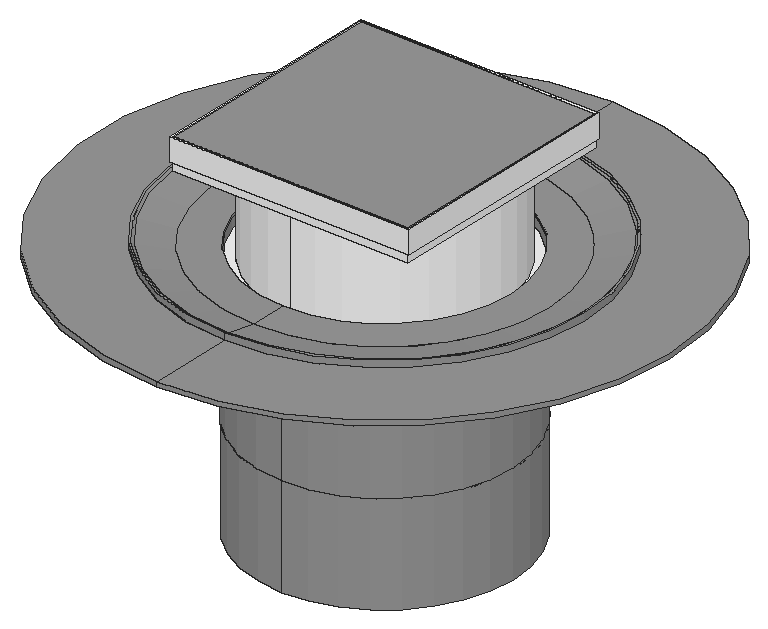
Revit family "HL_RU_Roof drain_HL62B-B-221103", category Instalační zařizovací předměty, Revit 2021
Family settings
  Kóta kulaté spojky = Použít průměr
  Typ dílu = Normální
  Číslo OmniClass = 23.70.50.21.24.14
  Nadpis OmniClass = Deck Waste Water Drains
  Založené na pracovní rovině = Ne
  Vždy vertikální = Ano
  Ořezat dutým tvarem při načtení = Ne
  Sdílené = Ne
  Bod výpočtu místnosti = Ano
Parameters (values of type "HL_Кровельная воронка_HL62B_5")
  РЕШЁТКА = "Edelstahl 137x137mm"
  РАЗМЕР = "DN160"
  ПРОПУСКНАЯ СПОСОБНОСТЬ [instance] = 0.0 L/s
  ПРОИЗВОДИТЕЛЬНОСТЬ = "6,0 l/s"
  ПРАВОВАЯ ИНФОРМАЦИЯ = "Авторские права(©), права на дизайн или какие либо другие права интелектуальной собственности являются исключительной собственностью компании HL Hutterer & Lechner. Изменению не подлежит. Файл семейства с данными о прозводителе изделия защищен паролем с водяным знаком."
  НОМИНАЛЬНЫЙ ДИАМЕТР = 160 mm
  НАСАДКА = "12-65mm/148x148mm"
  МАТЕРИАЛ = "PP"
  МАКСИМАЛЬНАЯ НАГРУЗКА КЛАССА = "K - 300 kg"
  ВЫСОТА МОНТАЖА = "120 mm"
  ВЕС = "1,81 [kg]"
  Výchozí výška = 0 mm
  Výrobce = "HL Hutterer & Lechner GmbH"  # constant formula
  URL = "http://www.hutterer-lechner.com/ru/products/catalog/roof-drains/HL62B/5.aspx"
  Материал плитка [instance] = none
  Přípoj ventilace = no
  Přípoj odpadních dílů = yes
  Přípoj HW = no
  Přípoj CW = no
  Popis = "Кровельные воронки"
  Model = "HL62B_5"
  Assembly Code = " "
  Komentáře k typům = "HL62B/5 Кровельная воронка DN160 с зажимным элементом. Проходная _ 148х148мм/137х137мм.,"
  Keynote = "HL62B_5"
  EAN = "9003076826254"
  Bысота монтажа [instance] = 65 mm  # constant formula
  G [instance] = 180.00°  # constant formula
  D [instance] = if(НОМИНАЛЬНЫЙ ДИАМЕТР = 160 mm, 60 mm, 67 mm) + Bысота монтажа  # 125 mm
  C [instance] = if(Bысота монтажа - 68 mm < 0 mm, 0 mm, Bысота монтажа - 68 mm)  # 0 mm
  B [instance] = 100 mm  # constant formula
  A [instance] = if(B - 100 mm > 15 mm, B - 100 mm, 15 mm)  # 15 mm
Types (5, lengths in mm): name | РАЗМЕР | НОМИНАЛЬНЫЙ ДИАМЕТР | ВЕС | URL | Model | Komentáře k typům | Keynote | EAN | D
  (no name) | "DN75" | 75 | "1,8 [kg]" | "http://www.hutterer-lechner.com/ru/products/catalog/roof-drains/HL62B/7.aspx" | "HL62B_7" | "HL62B/7 Кровельная воронка DN75 с зажимным элементом. Проходная _ 148х148мм/137х137мм.," | "HL62B_7" | "9003076836253" | 132
  HL_Кровельная воронка_HL62B_1 | "DN110" | 110 | "1,78 [kg]" | "http://www.hutterer-lechner.com/ru/products/catalog/roof-drains/HL62B/1.aspx" | "HL62B_1" | "HL62B/1 Кровельная воронка DN110 с зажимным элементом. Проходная _ 148х148мм/137х137мм.," | "HL62B_1" | "9003076806256" | 132
  HL_Кровельная воронка_HL62B_2 | "DN125" | 125 | "1,78 [kg]" | "http://www.hutterer-lechner.com/ru/products/catalog/roof-drains/HL62B/2.aspx" | "HL62B_2" | "HL62B/2 Кровельная воронка DN125 с зажимным элементом. Проходная _ 148х148мм/137х137мм.," | "HL62B_2" | "9003076816255" | 132
  HL_Кровельная воронка_HL62B_5 | "DN160" | 160 | "1,81 [kg]" | "http://www.hutterer-lechner.com/ru/products/catalog/roof-drains/HL62B/5.aspx" | "HL62B_5" | "HL62B/5 Кровельная воронка DN160 с зажимным элементом. Проходная _ 148х148мм/137х137мм.," | "HL62B_5" | "9003076826254" | 125
  HL_Кровельная воронка_HL62B_7 | "DN75" | 75 | "1,8 [kg]" | "http://www.hutterer-lechner.com/ru/products/catalog/roof-drains/HL62B/7.aspx" | "HL62B_7" | "HL62B/7 Кровельная воронка DN75 с зажимным элементом. Проходная _ 148х148мм/137х137мм.," | "HL62B_7" | "9003076836253" | 132
Reference planes
  plane 1 "Center (Front/Back)": y = 0
  plane 2: z = 0
  plane 3 "Center (Left/Right)": x = 0
  plane 4: z = -100
  plane 5: z = -65
Lines and regions (mm)
  model lines, style "InvisibleLines"
    curve 1: line (0, 0, 0) -> (0, 0, 20)
  model lines, style "PlumbingFixtures", detail levels coarse+medium
    curve 2: line (0, 0, -100) -> (0, 0, -85)
    curve 3: line (0, 0, -85) -> (-85, 0, 0)
    curve 4: line (0, 0, -85) -> (85, 0, 0)
    curve 6: line (0, 0, -100) -> (0, 0, -225)
  reference lines, not visible
    curve 5: line (0, 0, -100) -> (0, 0, -225)
  symbolic lines, style "PlumbingFixtures", detail levels coarse+medium
    curve 7: line (-75, 75, 0) -> (75, 75, 0)
    curve 8: line (-75, -75, 0) -> (-75, 75, 0)
    curve 9: line (75, -75, 0) -> (-75, -75, 0)
    curve 10: line (75, 75, 0) -> (75, -75, 0)
    curve 11: line (-75, 75, 0) -> (-145.711, 145.711, 0)
    curve 12: line (75, 75, 0) -> (145.711, 145.711, 0)
    curve 13: line (-75, -75, 0) -> (-145.711, -145.711, 0)
    curve 14: line (75, -75, 0) -> (145.711, -145.711, 0)
  symbolic lines, style "PlumbingFixtures", not visible, detail levels coarse+medium
    curve 15: line (-75, 75, 0) -> (75, 75, 0)
    curve 16: line (-75, -75, 0) -> (-75, 75, 0)
    curve 17: line (75, -75, 0) -> (-75, -75, 0)
    curve 18: line (75, 75, 0) -> (75, -75, 0)
    curve 19: line (-75, 75, 0) -> (-145.711, 145.711, 0)
    curve 20: line (75, 75, 0) -> (145.711, 145.711, 0)
    curve 21: line (-75, -75, 0) -> (-145.711, -145.711, 0)
    curve 22: line (75, -75, 0) -> (145.711, -145.711, 0)
Text (mm)
  text "FLOOR" at (-162.344, 0, -10.979), in view "Drain Construction View"
Dimensions and locks
  "B": plane 2 to plane 4
  "Bысота монтажа": plane 2 to plane 5
  "A": curve 4 to plane 4
  "D": curve 5 to curve 5
  "D": curve 6 to curve 6
  locked: curve 4 to plane 3 "Center (Left/Right)" (angle 45.00°)
  locked: plane 3 "Center (Left/Right)" to curve 3 (angle 45.00°)
  "G": angle curve 5 to plane 3 "Center (Left/Right)"
  aligned and locked: level to plane 2
  aligned and locked: plane 2 to curve 4
  aligned and locked: plane 2 to curve 3
  aligned and locked: plane 4 to curve 5
  aligned and locked: plane 3 "Center (Left/Right)" to curve 5
  aligned and locked: plane 4 to curve 2
  aligned and locked: curve 6 to plane 3 "Center (Left/Right)"
  aligned and locked: curve 6 to plane 4
  aligned and locked: plane 3 "Center (Left/Right)" to nested 1
  aligned and locked: plane 5 to nested 2
  aligned and locked: plane 2 to nested 1
  aligned and locked: plane 3 "Center (Left/Right)" to nested 2
Automatic sketch dimensions
  curve 2 to plane 3 "Center (Left/Right)" = 0 mm
  curve 1 to plane 3 "Center (Left/Right)" = 0 mm
  curve 1 to level = 0 mm
  level to curve 1 = 20 mm
Nested families
  nested 1: "HL_Насадка_HL66.9S" at (0, 0, 0), Bысота монтажа <- "Bысота монтажа", type "HL_Насадка_HL66.9S"
    with L 93 mm, IHmin 12 mm, IHmax 65 mm, Bысота монтажа 65 mm
  nested 2: "HL_кровельные воронки - корпус_HL62" at (0, 0, -65), НОМИНАЛЬНЫЙ ДИАМЕТР <- "НОМИНАЛЬНЫЙ ДИАМЕТР", type "HL_кровельные воронки - корпус_HL62"
    with НОМИНАЛЬНЫЙ ДИАМЕТР 160 mm, L 62 mm
Connectors
  piping at (0, 0, -225), diameter 160, driven by "ПРОПУСКНАЯ СПОСОБНОСТЬ", driven by "НОМИНАЛЬНЫЙ ДИАМЕТР"
    settings: on curve 5, index 1, connector inside diameter 609.6 mm, connector length 0 mm, flow factor 0, pipe flow 0.0 L/s, pressure drop 0.0 Pa, fitting loss kfactor 0, connector angle 0.00°, fixture units 0, engagement length 0 mm, angle of deflection 0.00°, flow configuration 1, flow direction 2, fitting loss method 0, system type 16, joint type 0, gender type 0, connector reference index -1, connector utility 0, adjustable connector yes, is connector primary yes, connector description ""
Definition of nested family "HL_Насадка_HL66.9S"
  Parameters (values of type "HL_Насадка_HL66.9S")
    РЕШЁТКА = "Edelstahl 138x138mm"
    РАЗМЕР = "d 145 mm"
    ПРАВОВАЯ ИНФОРМАЦИЯ = "Авторские права(©), права на дизайн или какие либо другие права интелектуальной собственности являются исключительной собственностью компании HL Hutterer & Lechner. Изменению не подлежит. Файл семейства с данными о прозводителе изделия защищен паролем с водяным знаком."
    НАСАДКА = "147x147mm"
    МАТЕРИАЛ = "PP"
    МАКСИМАЛЬНАЯ НАГРУЗКА КЛАССА = "K - 300 kg"
    ВЫСОТА МОНТАЖА = "12-65mm"
    Материал плитка = none
    ВЕС = "0,345 [kg]"
    Default Elevation = 0 mm
    L [instance] = if(Bысота монтажа < IHmin, -100 mm, if(Bысота монтажа > IHmax, -100 mm, Bысота монтажа + 28 mm))  # 93 mm
    Manufacturer = "HL Hutterer & Lechner GmbH"
    URL = "http://www.hutterer-lechner.com/ru/products/catalog/roof-drains/HL66.9.aspx"
    Description = "Кровельные воронки"
    Model = "HL66.9"
    Type Comments = "HL66.9, Насадка d 145мм с бороздками/147х147мм/138х138мм"
    Keynote = "HL66.9"
    Bысота монтажа [instance] = 65 mm
    IHmin [instance] = 12 mm
    IHmax [instance] = 65 mm
    EAN = "9003076014606"
    Cost = 0
  Reference planes
    plane 1 "Střed (vpředu/vzadu)": y = 0
    plane 2: z = 0
    plane 3 "Střed (vlevo/vpravo)": x = 0
  Forms (mm)
    Revolve 1, solid, detail levels fine
      sketch origin (0, 0, 128) x (0, 1, 0) y (0, 0, 1)
        loop
          line (72.5, -142) -> (69.248, -142) -> (69.248, -221) -> (72.5, -221) -> (72.5, -142)
        axis (0, -142) -> (0, -221)
      angle from 0 to 360
    Extrusion 2, solid, detail levels fine
      sketch origin (-1.537, 0, -14.6) x (0, 1, 0) y (-1, 0, 0)
        loop
          line (74, 72.459) -> (-74, 72.459) -> (-74, -75.537) -> (74, -75.537) -> (74, 72.459)
        loop
          line (73, 71.463) -> (-73, 71.463) -> (-73, -74.537) -> (73, -74.537) -> (73, 71.463)
      from 0.6 to 14.6
    Extrusion 3, solid, detail levels fine
      sketch origin (-1.537, 0, -14) x (-1, 0, 0) y (0, 1, 0)
        loop
          line (71.463, 73) -> (-74.537, 73) -> (-74.537, -73) -> (71.463, -73) -> (71.463, 73)
        loop
          circle (-1.537, 0) r 72.5
      from 0 to 5
    Extrusion 4, solid, detail levels fine
      sketch origin (-1.537, 0, -14) x (-1, 0, 0) y (0, -1, 0)
        loop
          line (70.95, -72.397) -> (70.95, 72.463) -> (-74.05, 72.463) -> (-74.05, -72.397) -> (70.95, -72.397)
      from 0 to 14
    Revolve 5, solid, detail levels fine
      sketch origin (0, 75.989, -93) x (0, -1, 0) y (0, 0, -1)
        loop
          line (3.489, -20) -> (3.489, 0) -> (0.186, 0) -> (-2.325, -2.511) -> (-2.325, -20) -> (3.489, -20)
        axis (75.989, -20) -> (75.989, 0)
      angle from 0 to 360
  Lines and regions (mm)
    model lines, detail levels fine
      curve 1: line (36.25, 24.325, 0) -> (36.25, -24.42, 0)
      curve 2: line (43.75, -24.42, 0) -> (43.75, 24.325, 0)
      curve 3: line (52.25, 40.306, 0) -> (52.25, -40.355, 0)
      curve 4: line (59.75, -40.355, 0) -> (59.75, 40.306, 0)
      curve 5: line (20.25, 8.588, 0) -> (20.25, -8.684, 0)
      curve 6: line (27.75, -8.684, 0) -> (27.75, 8.588, 0)
      curve 7: arc (27.75, 8.588, 0) -> (24, 12.338, 0) -> (20.25, 8.588, 0) r 3.75
      curve 8: arc (20.25, -8.684, 0) -> (24, -12.434, 0) -> (27.75, -8.684, 0) r 3.75
      curve 9: arc (36.25, -24.42, 0) -> (40, -28.17, 0) -> (43.75, -24.42, 0) r 3.75
      curve 10: arc (43.75, 24.325, 0) -> (40, 28.075, 0) -> (36.25, 24.325, 0) r 3.75
      curve 11: arc (59.75, 40.306, 0) -> (56, 44.056, 0) -> (52.25, 40.306, 0) r 3.75
      curve 12: arc (52.25, -40.355, 0) -> (56, -44.105, 0) -> (59.75, -40.355, 0) r 3.75
      curve 13: line (-24.325, -36.25, 0) -> (24.42, -36.25, 0)
      curve 14: line (24.42, -43.75, 0) -> (-24.325, -43.75, 0)
      curve 15: line (-40.306, -52.25, 0) -> (40.355, -52.25, 0)
      curve 16: line (40.355, -59.75, 0) -> (-40.306, -59.75, 0)
      curve 17: line (-8.588, -20.25, 0) -> (8.684, -20.25, 0)
      curve 18: line (8.684, -27.75, 0) -> (-8.588, -27.75, 0)
      curve 19: arc (-8.588, -27.75, 0) -> (-12.338, -24, 0) -> (-8.588, -20.25, 0) r 3.75
      curve 20: arc (8.684, -20.25, 0) -> (12.434, -24, 0) -> (8.684, -27.75, 0) r 3.75
      curve 21: arc (24.42, -36.25, 0) -> (28.17, -40, 0) -> (24.42, -43.75, 0) r 3.75
      curve 22: arc (-24.325, -43.75, 0) -> (-28.075, -40, 0) -> (-24.325, -36.25, 0) r 3.75
      curve 23: arc (-40.306, -59.75, 0) -> (-44.056, -56, 0) -> (-40.306, -52.25, 0) r 3.75
      curve 24: arc (40.355, -52.25, 0) -> (44.105, -56, 0) -> (40.355, -59.75, 0) r 3.75
      curve 25: line (36.25, -24.42, 0) -> (36.25, 24.325, 0)
      curve 26: line (43.75, 24.325, 0) -> (43.75, -24.42, 0)
      curve 27: line (52.25, -40.355, 0) -> (52.25, 40.306, 0)
      curve 28: line (59.75, 40.306, 0) -> (59.75, -40.355, 0)
      curve 29: line (20.25, -8.684, 0) -> (20.25, 8.588, 0)
      curve 30: line (27.75, 8.588, 0) -> (27.75, -8.684, 0)
      curve 31: arc (27.75, -8.588, 0) -> (24, -12.338, 0) -> (20.25, -8.588, 0) r 3.75
      curve 32: arc (20.25, 8.684, 0) -> (24, 12.434, 0) -> (27.75, 8.684, 0) r 3.75
      curve 33: arc (36.25, 24.42, 0) -> (40, 28.17, 0) -> (43.75, 24.42, 0) r 3.75
      curve 34: arc (43.75, -24.325, 0) -> (40, -28.075, 0) -> (36.25, -24.325, 0) r 3.75
      curve 35: arc (59.75, -40.306, 0) -> (56, -44.056, 0) -> (52.25, -40.306, 0) r 3.75
      curve 36: arc (52.25, 40.355, 0) -> (56, 44.105, 0) -> (59.75, 40.355, 0) r 3.75
      curve 37: line (24.42, -36.25, 0) -> (-24.325, -36.25, 0)
      curve 38: line (-24.325, -43.75, 0) -> (24.42, -43.75, 0)
      curve 39: line (40.355, -52.25, 0) -> (-40.306, -52.25, 0)
      curve 40: line (-40.306, -59.75, 0) -> (40.355, -59.75, 0)
      curve 41: line (8.684, -20.25, 0) -> (-8.588, -20.25, 0)
      curve 42: line (-8.588, -27.75, 0) -> (8.684, -27.75, 0)
      curve 43: arc (8.588, -27.75, 0) -> (12.338, -24, 0) -> (8.588, -20.25, 0) r 3.75
      curve 44: arc (-8.684, -20.25, 0) -> (-12.434, -24, 0) -> (-8.684, -27.75, 0) r 3.75
      curve 45: arc (-24.42, -36.25, 0) -> (-28.17, -40, 0) -> (-24.42, -43.75, 0) r 3.75
      curve 46: arc (24.325, -43.75, 0) -> (28.075, -40, 0) -> (24.325, -36.25, 0) r 3.75
      curve 47: arc (40.306, -59.75, 0) -> (44.056, -56, 0) -> (40.306, -52.25, 0) r 3.75
      curve 48: arc (-40.355, -52.25, 0) -> (-44.105, -56, 0) -> (-40.355, -59.75, 0) r 3.75
      curve 49: line (-36.25, 24.325, 0) -> (-36.25, -24.325, 0)
      curve 50: line (-43.75, -24.325, 0) -> (-43.75, 24.325, 0)
      curve 51: line (-52.25, 40.306, 0) -> (-52.25, -40.306, 0)
      curve 52: line (-59.75, -40.306, 0) -> (-59.75, 40.306, 0)
      curve 53: line (-20.25, 8.588, 0) -> (-20.25, -8.588, 0)
      curve 54: line (-27.75, -8.684, 0) -> (-27.75, 8.588, 0)
      curve 55: arc (-27.75, 8.588, 0) -> (-24, 12.338, 0) -> (-20.25, 8.588, 0) r 3.75
      curve 56: arc (-20.25, -8.684, 0) -> (-24, -12.434, 0) -> (-27.75, -8.684, 0) r 3.75
      curve 57: arc (-43.75, 24.325, 0) -> (-40, 28.075, 0) -> (-36.25, 24.325, 0) r 3.75
      curve 58: arc (-59.75, 40.306, 0) -> (-56, 44.056, 0) -> (-52.25, 40.306, 0) r 3.75
      curve 59: line (-36.25, -24.325, 0) -> (-36.25, 24.325, 0)
      curve 60: line (-43.75, 24.325, 0) -> (-43.75, -24.325, 0)
      curve 61: line (-52.25, -40.306, 0) -> (-52.25, 40.306, 0)
      curve 62: line (-59.75, 40.306, 0) -> (-59.75, -40.306, 0)
      curve 63: line (-20.25, -8.588, 0) -> (-20.25, 8.588, 0)
      curve 64: line (-27.75, 8.588, 0) -> (-27.75, -8.684, 0)
      curve 65: arc (-27.75, -8.588, 0) -> (-24, -12.338, 0) -> (-20.25, -8.588, 0) r 3.75
      curve 66: arc (-20.25, 8.684, 0) -> (-24, 12.434, 0) -> (-27.75, 8.684, 0) r 3.75
      curve 67: arc (-36.25, 24.42, 0) -> (-40, 28.17, 0) -> (-43.75, 24.42, 0) r 3.75
      curve 68: arc (-43.75, -24.325, 0) -> (-40, -28.075, 0) -> (-36.25, -24.325, 0) r 3.75
      curve 69: arc (-59.75, -40.306, 0) -> (-56, -44.056, 0) -> (-52.25, -40.306, 0) r 3.75
      curve 70: arc (-52.25, 40.355, 0) -> (-56, 44.105, 0) -> (-59.75, 40.355, 0) r 3.75
      curve 71: line (-24.42, 36.25, 0) -> (24.325, 36.25, 0)
      curve 72: line (24.42, 43.75, 0) -> (-24.42, 43.75, 0)
      curve 73: line (-40.355, 52.25, 0) -> (40.306, 52.25, 0)
      curve 74: line (40.306, 59.75, 0) -> (-40.355, 59.75, 0)
      curve 75: line (-8.588, 20.25, 0) -> (8.588, 20.25, 0)
      curve 76: line (8.684, 27.75, 0) -> (-8.588, 27.75, 0)
      curve 77: arc (-8.588, 27.75, 0) -> (-12.338, 24, 0) -> (-8.588, 20.25, 0) r 3.75
      curve 78: arc (8.684, 20.25, 0) -> (12.434, 24, 0) -> (8.684, 27.75, 0) r 3.75
      curve 79: arc (24.42, 36.25, 0) -> (28.17, 40, 0) -> (24.42, 43.75, 0) r 3.75
      curve 80: line (24.325, 36.25, 0) -> (-24.42, 36.25, 0)
      curve 81: line (-24.42, 43.75, 0) -> (24.42, 43.75, 0)
      curve 82: line (40.306, 52.25, 0) -> (-40.355, 52.25, 0)
      curve 83: line (-40.355, 59.75, 0) -> (40.306, 59.75, 0)
      curve 84: line (8.588, 20.25, 0) -> (-8.588, 20.25, 0)
      curve 85: line (-8.588, 27.75, 0) -> (8.684, 27.75, 0)
      curve 86: arc (8.588, 27.75, 0) -> (12.338, 24, 0) -> (8.588, 20.25, 0) r 3.75
      curve 87: arc (-8.684, 20.25, 0) -> (-12.434, 24, 0) -> (-8.684, 27.75, 0) r 3.75
      curve 88: arc (-24.42, 36.25, 0) -> (-28.17, 40, 0) -> (-24.42, 43.75, 0) r 3.75
      curve 89: arc (24.325, 43.75, 0) -> (28.075, 40, 0) -> (24.325, 36.25, 0) r 3.75
      curve 90: arc (40.306, 59.75, 0) -> (44.056, 56, 0) -> (40.306, 52.25, 0) r 3.75
      curve 91: arc (-40.355, 52.25, 0) -> (-44.105, 56, 0) -> (-40.355, 59.75, 0) r 3.75
    reference lines
      curve 92: line (0, 75.989, -93) -> (0, -174.011, -93)
  Dimensions and locks
    Extrusion 2 sketch curve to Extrusion 2 sketch curve = 147.996 mm
    Extrusion 2 sketch curve to Extrusion 2 sketch curve = 148 mm
    "L": curve 92 to plane 2
    aligned and locked: level to plane 2
    aligned and locked: Revolve 1 to curve 92
  Automatic sketch dimensions
    plane 1 "Střed (vpředu/vzadu)" to Extrusion 2 sketch curve = 74 mm
    Extrusion 2 sketch curve to Extrusion 2 sketch curve = 1 mm  (x3)
    plane 3 "Střed (vlevo/vpravo)" to Extrusion 2 sketch curve = 74 mm
    Extrusion 2 sketch curve to Extrusion 2 sketch curve = 0.996 mm
    Extrusion 3 sketch curve to Extrusion 2 = 0 mm  (x4)
    Extrusion 3 sketch curve to Extrusion 2 = 73 mm  (x2)
    Extrusion 2 to curve 16 = 13.25 mm
    curve 24 to curve 47 = 3.75 mm
    curve 47 to curve 24 = 0 mm
    curve 48 to curve 23 = 0 mm  (x2)
    curve 23 to curve 38 = 8.5 mm
    curve 24 to curve 12 = 11.895 mm
    curve 12 to curve 35 = 0.048 mm
    curve 15 to curve 69 = 11.944 mm
    curve 22 to curve 45 = 3.75 mm
    curve 21 to curve 46 = 3.75 mm
    curve 46 to curve 21 = 0 mm
    curve 22 to curve 18 = 8.5 mm
    curve 21 to curve 9 = 11.83 mm
    curve 13 to curve 49 = 11.925 mm
    curve 9 to curve 34 = 0.095 mm
    curve 18 to curve 19 = 3.75 mm
    curve 44 to curve 19 = 0 mm  (x2)
    curve 43 to curve 20 = 0 mm
    curve 20 to curve 5 = 11.566 mm
    curve 49 to curve 64 = 15.642 mm
    curve 8 to curve 31 = 0.095 mm
    curve 56 to curve 53 = 0.095 mm
    curve 65 to curve 64 = 17.177 mm
    curve 31 to curve 29 = 17.177 mm
    curve 7 to curve 32 = 0.095 mm
    curve 55 to curve 66 = 0.095 mm
    curve 32 to curve 84 = 11.566 mm
    curve 86 to curve 78 = 3.75 mm
    curve 86 to curve 78 = 0 mm
    curve 77 to curve 87 = 3.75 mm
    curve 87 to curve 77 = 0 mm  (x2)
    curve 66 to curve 60 = 15.642 mm
    curve 32 to curve 26 = 15.642 mm
    curve 10 to curve 33 = 0.095 mm
    curve 57 to curve 67 = 0.095 mm
    curve 33 to curve 71 = 11.83 mm
    curve 89 to curve 89 = 3.75 mm
    curve 88 to curve 88 = 3.75 mm
    curve 89 to curve 79 = 0 mm
    curve 33 to curve 11 = 15.886 mm
    curve 67 to curve 51 = 15.886 mm
    curve 58 to curve 70 = 0.048 mm
    curve 11 to curve 36 = 0.048 mm
    curve 70 to curve 73 = 11.895 mm
    curve 90 to curve 90 = 3.75 mm
    Extrusion 2 to curve 28 = 13.25 mm
    curve 4 to curve 11 = 3.75 mm
    curve 35 to curve 12 = 0 mm
    curve 36 to curve 11 = 0 mm
    curve 3 to curve 2 = 8.5 mm
    curve 3 to curve 39 = 11.895 mm
    curve 11 to curve 83 = 11.944 mm
    curve 24 to curve 47 = 0.048 mm
    curve 26 to curve 9 = 3.75 mm
    curve 33 to curve 10 = 0 mm
    curve 34 to curve 9 = 0 mm
    curve 34 to curve 30 = 8.5 mm
    curve 90 to curve 72 = 15.886 mm
    curve 1 to curve 21 = 11.83 mm
    curve 79 to curve 80 = 0.095 mm
    curve 21 to curve 46 = 0.095 mm
    curve 6 to curve 32 = 3.75 mm
    curve 6 to curve 8 = 3.75 mm
    curve 31 to curve 8 = 0 mm
    curve 29 to curve 17 = 11.566 mm
    curve 7 to curve 78 = 11.566 mm
    curve 78 to curve 86 = 0.095 mm
    curve 20 to curve 43 = 0.095 mm
    curve 43 to curve 41 = 17.177 mm
    curve 86 to curve 77 = 17.177 mm
    curve 19 to curve 44 = 0.095 mm
    curve 77 to curve 87 = 0.095 mm
    curve 87 to curve 53 = 11.566 mm
    curve 53 to curve 66 = 3.75 mm
    curve 55 to curve 66 = 0 mm
    curve 56 to curve 54 = 3.75 mm
    curve 65 to curve 56 = 0 mm
    curve 44 to curve 14 = 15.642 mm
    curve 22 to curve 45 = 0.095 mm
    curve 87 to curve 72 = 15.736 mm
    curve 45 to curve 59 = 11.83 mm
    curve 57 to curve 67 = 3.75 mm
    curve 68 to curve 68 = 3.75 mm
    curve 45 to curve 15 = 15.886 mm
    curve 23 to curve 48 = 0.048 mm
    curve 72 to curve 74 = 15.935 mm
    curve 91 to curve 51 = 11.895 mm
    curve 51 to curve 70 = 3.75 mm
    curve 51 to curve 69 = 3.75 mm
    curve 45 to curve 22 = 0 mm
    curve 36 to curve 28 = 0 mm
    curve 33 to curve 2 = 0 mm
    curve 32 to curve 30 = 0 mm
    curve 66 to curve 55 = 0 mm
    curve 67 to curve 57 = 0 mm
    curve 70 to curve 51 = 0 mm
    Extrusion 4 sketch curve to Extrusion 3 = 0.487 mm
    Extrusion 4 sketch curve to Extrusion 3 = 0.513 mm
    Extrusion 4 sketch curve to Extrusion 3 = 0.603 mm
    Extrusion 4 sketch curve to Extrusion 3 = 0.537 mm
    Revolve 1 sketch curve to plane 1 "Střed (vpředu/vzadu)" = 0 mm
    Revolve 1 sketch curve to level = 14 mm
    Revolve 1 sketch curve to plane 1 "Střed (vpředu/vzadu)" = 69.248 mm
    Revolve 1 sketch curve to Revolve 1 sketch curve = 3.252 mm
    Revolve 1 sketch curve to Revolve 1 sketch curve = 79 mm
    Revolve 1 sketch curve to Revolve 1 sketch curve = 17.5 mm
    level to Revolve 1 sketch curve = 144.5 mm
    Revolve 5 sketch curve to curve 92 = 0 mm
    Revolve 5 sketch curve to curve 92 = 2.325 mm
    curve 92 to Revolve 5 sketch curve = 0.186 mm
    curve 92 to Revolve 5 sketch curve = 3.489 mm
    Revolve 5 sketch curve to curve 92 = 2.511 mm
    Revolve 5 sketch curve to curve 92 = 20 mm
    curve 92 to Revolve 5 sketch curve = 75.989 mm
    Revolve 5 sketch curve to curve 92 = 393 mm
    curve 92 to Revolve 5 sketch curve = 207 mm
    plane 1 "Střed (vpředu/vzadu)" to curve 92 = 174.011 mm
    curve 92 to plane 1 "Střed (vpředu/vzadu)" = 75.989 mm
    radius of Extrusion 3 sketch curve = 72.5 mm
Definition of nested family "HL_кровельные воронки - корпус_HL62"
  Parameters (values of type "HL_кровельные воронки - корпус_HL62")
    НОМИНАЛЬНЫЙ ДИАМЕТР [instance] = 110 mm
    Default Elevation = 0 mm
    Manufacturer = ""
    URL = ""
    Description = ""
    Model = ""
    L [instance] = if(НОМИНАЛЬНЫЙ ДИАМЕТР = 160 mm, 62 mm, 69 mm)  # 69 mm
    Type Comments = ""
    Cost = 0
  Reference planes
    plane 1 "Střed (vpředu/vzadu)": y = 0
    plane 2: z = 0
    plane 3 "Střed (vlevo/vpravo)": x = 0
    plane 4: z = -97.92
  Forms (mm)
    Revolve 1, solid, detail levels fine
      sketch origin (0, 0, 0) x (0, 1, 0) y (0, 0, 1)
        loop
          line (177, -3) -> (177, 0) -> (124.39, 0) -> (101.905, -2.2) -> (79.004, -2.2) -> (79.004, -22.024) -> (74.451, -22.024) -> (74.451, -35.37) -> (65.787, -35.37) -> (64.804, -43.37) -> (0, -43.37) -> (0, -97.92) -> (79.982, -97.92) -> (79.982, -31.54) -> (86.489, -31.54) -> (86.489, -28.04) -> (101.489, -28.04) -> (101.489, -13.704) -> (130.898, -3) -> (177, -3)
        axis (0, 0) -> (0, -97.92)
      angle from 0 to 360
    Revolve 2, solid, detail levels fine
      sketch origin (0, 0, 0) x (0, 1, 0) y (0, 0, 1)
        loop
          line (124.39, 0) -> (124.39, 4) -> (123.297, 4) -> (122.033, 3.115) -> (101.733, -1.2) -> (79.004, -1.2) -> (79.004, -2.2) -> (101.905, -2.2) -> (124.39, 0)
        axis (0, 4) -> (0, -2.2)
      angle from 0 to 360
    Extrusion 3, solid, detail levels fine
      sketch origin (0, 79.982, -97.92) x (0, 1, 0) y (-1, 0, 0)
        loop
          circle (-79.982, 0) r 55
      from 0 to -69
  Dimensions and locks
    "L": plane 4 to Extrusion 3
    "НОМИНАЛЬНЫЙ ДИАМЕТР": diameter of Extrusion 3 sketch curve
    aligned and locked: level to plane 2
  Automatic sketch dimensions
    Revolve 1 sketch curve to plane 1 "Střed (vpředu/vzadu)" = 0 mm  (x2)
    level to Revolve 1 sketch curve = 0 mm
    Revolve 1 sketch curve to plane 1 "Střed (vpředu/vzadu)" = 64.804 mm
    Revolve 1 sketch curve to Revolve 1 sketch curve = 0.982 mm
    Revolve 1 sketch curve to Revolve 1 sketch curve = 8.664 mm
    Revolve 1 sketch curve to Revolve 1 sketch curve = 4.553 mm
    Revolve 1 sketch curve to Revolve 1 sketch curve = 15.178 mm
    Revolve 1 sketch curve to Revolve 1 sketch curve = 6.507 mm
    Revolve 1 sketch curve to Revolve 1 sketch curve = 15 mm
    Revolve 1 sketch curve to level = 2.2 mm
    Revolve 1 sketch curve to Revolve 1 sketch curve = 0.416 mm
    Revolve 1 sketch curve to Revolve 1 sketch curve = 22.485 mm
    Revolve 1 sketch curve to level = 3 mm
    Revolve 1 sketch curve to Revolve 1 sketch curve = 6.508 mm
    Revolve 1 sketch curve to Revolve 1 sketch curve = 46.102 mm
    Revolve 1 sketch curve to Revolve 1 sketch curve = 11.504 mm
    Revolve 1 sketch curve to Revolve 1 sketch curve = 19.824 mm
    Revolve 1 sketch curve to Revolve 1 sketch curve = 6.016 mm
    Revolve 1 sketch curve to Revolve 1 sketch curve = 3.5 mm
    Revolve 1 sketch curve to Revolve 1 sketch curve = 3.83 mm
    Revolve 1 sketch curve to Revolve 1 sketch curve = 8 mm
    Revolve 1 sketch curve to Revolve 1 sketch curve = 54.55 mm
    Revolve 1 sketch curve to Revolve 1 sketch curve = 202.08 mm
    level to Revolve 1 sketch curve = 300 mm
    Revolve 2 sketch curve to plane 1 "Střed (vpředu/vzadu)" = 0 mm
    level to Revolve 2 sketch curve = 0 mm
    Revolve 2 sketch curve to level = 2.2 mm
    Revolve 2 sketch curve to plane 1 "Střed (vpředu/vzadu)" = 79.004 mm
    Revolve 2 sketch curve to level = 1.2 mm
    Revolve 2 sketch curve to Revolve 2 sketch curve = 22.729 mm
    Revolve 2 sketch curve to Revolve 2 sketch curve = 0.172 mm
    level to Revolve 2 sketch curve = 3.115 mm
    Revolve 2 sketch curve to Revolve 2 sketch curve = 20.299 mm
    Revolve 2 sketch curve to Revolve 2 sketch curve = 1.264 mm
    Revolve 2 sketch curve to Revolve 2 sketch curve = 1.093 mm
    Revolve 2 sketch curve to Revolve 2 sketch curve = 0.885 mm
    Revolve 2 sketch curve to level = 69.647 mm
    level to Revolve 2 sketch curve = 33.8 mm
    plane 1 "Střed (vpředu/vzadu)" to Extrusion 3 sketch curve = 0 mm
    Extrusion 3 sketch curve to plane 3 "Střed (vlevo/vpravo)" = 0 mm
